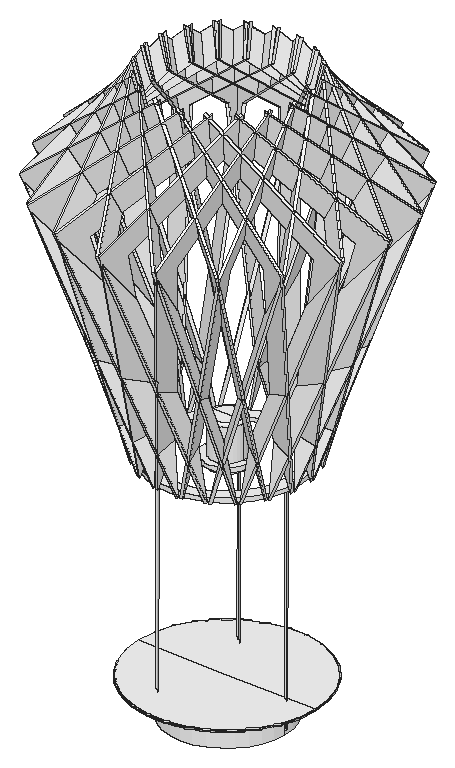
Revit family "Pilke-28_Pendant", category Lighting Fixtures, host Face, Revit 2017
Family settings
  Host = Face
  Round Connector Dimension = Use Diameter
  Part Type = Normal
  Cut with Voids When Loaded = No
  Light Source = Yes
  Shared = No
  Room Calculation Point = No
Parameters
  Wattage = 9.2903 W
  built-in parameter 1150110 = 1 (stored number, unit not read)
  built-in parameter 1114217 = 1 (stored number, unit not read)
  built-in parameter 1150109 = 1 (stored number, unit not read)
  built-in parameter 1150134 = 3
  built-in parameter 1150113 = 1 (stored number, unit not read)
  built-in parameter 1150105 = 109.82 (stored number, unit not read)
  Lumens = 1380 lm
  built-in parameter 1150115 = 1 (stored number, unit not read)
  Light Source Symbol Size = 2' - 0"
  built-in parameter 1150137 = (empty or 0)
  built-in parameter 1150139 = (empty or 0)
  built-in parameter 1150112 = 1 (stored number, unit not read)
  built-in parameter 1150114 = 1 (stored number, unit not read)
  built-in parameter 1150132 = (empty or 0)
  built-in parameter 1150102 = (empty or 0)
  built-in parameter 1150107 = 3200 (stored number, unit not read)
  built-in parameter 1150138 = (empty or 0)
  built-in parameter 1150106 = 1.0982 (stored number, unit not read)
  Finish = White Finish
  built-in parameter 1150104 = 13.8 (stored number, unit not read)
  Dimming Lamp Color Temperature Shift = (empty or 0)
  Default Elevation = 4' - 0"
  Color Filter = 16777215
  built-in parameter 1114218 = 1 (stored number, unit not read)
  built-in parameter 1150133 = 10 (stored number, unit not read)
Reference planes (in)
  plane 1 "Center (Front/Back)": y = 0
  plane 2: z = 0
  plane 3 "Center (Left/Right)": x = 0
Forms (in)
  Revolve 1, solid, material "White Finish" <- "Finish"
    sketch origin (0.14778, 0, 95.99992) x (-0.999999, 0, 0.001302) y (-0.001302, 0, -0.999999)
      loop
        line (0, 96) -> (-2.75591, 96) -> (-2.75591, 94.97924)
        arc (-2.75591, 94.97924) -> (-2.72454, 94.90351) -> (-2.64882, 94.87215) r 0.10708
        line (-2.64882, 94.87215) -> (0, 94.87215) -> (0, 96)
      loop
        line (0, 94.47845) -> (-4.20191, 94.47845)
        arc (-4.20191, 94.47845) -> (-4.21809, 94.47175) -> (-4.2248, 94.45556) r 0.02289
        line (-4.2248, 94.45556) -> (-4.2248, 94.42349)
        arc (-4.2248, 94.42349) -> (-4.21721, 94.40516) -> (-4.19888, 94.39757) r 0.02592
        line (-4.19888, 94.39757) -> (0, 94.39757) -> (0, 94.47845)
      loop
        line (0, 84.36566) -> (0, 85.15306) -> (0, 85.4167) -> (-0.7874, 85.4167) -> (-0.7874, 85.15306) -> (-1.09871, 85.15306) -> (-1.09871, 84.95621) -> (-0.7874, 84.95621) -> (-0.7874, 83.41701)
        arc (-0.7874, 83.41701) -> (-0.75303, 83.33402) -> (-0.67004, 83.29965) r 0.11736
        line (-0.67004, 83.29965) -> (0, 83.29965) -> (0, 84.36566)
      loop
        line (-3.41068, 84.95621) -> (-2.87331, 84.95621) -> (-2.87331, 85.15306) -> (-3.41068, 85.15306) -> (-3.41068, 84.95621)
      axis (0, 83.29965) -> (0, 96)
    angle from 0 to 360
  Extrusion 2, solid, material "White Finish" <- "Finish"
    sketch origin (0.14778, 0, 95.99992) x (-0.999999, 0, 0.001302) y (0, 1, 0)
      loop
        circle (-2.79921, 0) r 0.04724
    from 85.48214 to 95.73607
  Extrusion 3, solid, material "White Finish" <- "Finish"
    sketch origin (0.14801, 0.0004, 95.99992) x (0.5, -0.866025, -0.000651) y (-0.866025, -0.5, 0.001127)
      loop
        circle (-2.79921, 0) r 0.04724
    from 85.48214 to 95.73607
  Extrusion 4, solid, material "White Finish" <- "Finish"
    sketch origin (0.14755, 0.0004, 95.99992) x (0.5, 0.866025, -0.000651) y (0.866025, -0.5, -0.001127)
      loop
        circle (-2.79921, 0) r 0.04724
    from 85.48214 to 95.73607
  Extrusion 5, solid, material "White Finish" <- "Finish"
    sketch origin (-7.75084, 20.89124, 92.12552) x (-0.960382, 0.227505, -0.160958) y (-0.099996, 0.25779, 0.961012)
      loop
        line (-2.67026, -84.95621) -> (-2.67026, -82.36939) -> (-7.07218, -73.73014) -> (-3.2358, -69.26378) -> (-3.59289, -67.86684) -> (-8.4792, -73.55554) -> (-2.67026, -84.95621)
    from 0 to 0.09843
  Extrusion 6, solid, material "White Finish" <- "Finish"
    sketch origin (-7.75084, -20.89124, 92.12552) x (-0.960382, -0.227505, -0.160958) y (0.099996, 0.25779, -0.961012)
      loop
        line (-2.67026, 84.95621) -> (-8.4792, 73.55554) -> (-3.59289, 67.86684) -> (-3.2358, 69.26378) -> (-7.07218, 73.73014) -> (-2.67026, 82.36939) -> (-2.67026, 84.95621)
    from 0 to 0.09843
  Extrusion 7, solid, material "White Finish" <- "Finish"
    sketch origin (-13.82016, 17.42951, 92.13342) x (-0.983691, -0.08034, -0.160928) y (-0.174702, 0.213886, 0.96111)
      loop
        line (-2.67026, -84.95621) -> (-2.67026, -82.36939) -> (-7.07218, -73.73014) -> (-3.2358, -69.26378) -> (-3.59289, -67.86684) -> (-8.4792, -73.55554) -> (-2.67026, -84.95621)
    from 0 to 0.09843
  Extrusion 8, solid, material "White Finish" <- "Finish"
    sketch origin (-0.90868, -22.30798, 92.11661) x (-0.843085, -0.513079, -0.161111) y (0.015379, 0.27646, -0.960902)
      loop
        line (-2.67026, 84.95621) -> (-8.4792, 73.55554) -> (-3.59289, 67.86684) -> (-3.2358, 69.26378) -> (-7.07218, 73.73014) -> (-2.67026, 82.36939) -> (-2.67026, 84.95621)
    from 0 to 0.09843
  Extrusion 9, solid, material "White Finish" <- "Finish"
    sketch origin (-0.90884, 22.30801, 92.11661) x (-0.843085, 0.513079, -0.161111) y (-0.015379, 0.27646, 0.960902)
      loop
        line (-2.67026, -84.95621) -> (-2.67026, -82.36939) -> (-7.07218, -73.73014) -> (-3.2358, -69.26378) -> (-3.59289, -67.86684) -> (-8.4792, -73.55554) -> (-2.67026, -84.95621)
    from 0 to 0.09843
  Extrusion 10, solid, material "White Finish" <- "Finish"
    sketch origin (-13.82032, -17.42949, 92.13342) x (-0.983691, 0.08034, -0.160928) y (0.174702, 0.213886, -0.96111)
      loop
        line (-2.67026, 84.95621) -> (-8.4792, 73.55554) -> (-3.59289, 67.86684) -> (-3.2358, 69.26378) -> (-7.07218, 73.73014) -> (-2.67026, 82.36939) -> (-2.67026, 84.95621)
    from 0 to 0.09843
  Extrusion 11, solid, material "White Finish" <- "Finish"
    sketch origin (6.03609, 21.54114, 92.10757) x (-0.643282, 0.74843, -0.161371) y (0.070866, 0.268068, 0.96079)
      loop
        line (-2.67026, -84.95621) -> (-2.67026, -82.36939) -> (-7.07218, -73.73014) -> (-3.2358, -69.26378) -> (-3.59289, -67.86684) -> (-8.4792, -73.55554) -> (-2.67026, -84.95621)
    from 0 to 0.09843
  Extrusion 12, solid, material "White Finish" <- "Finish"
    sketch origin (-18.52301, -12.26159, 92.13954) x (-0.91073, 0.38032, -0.161023) y (0.232185, 0.149045, -0.961184)
      loop
        line (-2.67026, 84.95621) -> (-8.4792, 73.55554) -> (-3.59289, 67.86684) -> (-3.2358, 69.26378) -> (-7.07218, 73.73014) -> (-2.67026, 82.36939) -> (-2.67026, 84.95621)
    from 0 to 0.09843
  Extrusion 13, solid, material "White Finish" <- "Finish"
    sketch origin (12.40414, 18.6657, 92.09928) x (-0.380531, 0.910519, -0.161713) y (0.150296, 0.233436, 0.960687)
      loop
        line (-2.67026, -84.95621) -> (-2.67026, -82.36939) -> (-7.07218, -73.73014) -> (-3.2358, -69.26378) -> (-3.59289, -67.86684) -> (-8.4792, -73.55554) -> (-2.67026, -84.95621)
    from 0 to 0.09843
  Extrusion 14, solid, material "White Finish" <- "Finish"
    sketch origin (-21.39856, -5.89342, 92.14328) x (-0.748641, 0.643072, -0.161234) y (0.266817, 0.069615, -0.96123)
      loop
        line (-2.67026, 84.95621) -> (-8.4792, 73.55554) -> (-3.59289, 67.86684) -> (-3.2358, 69.26378) -> (-7.07218, 73.73014) -> (-2.67026, 82.36939) -> (-2.67026, 84.95621)
    from 0 to 0.09843
  Extrusion 15, solid, material "White Finish" <- "Finish"
    sketch origin (17.57196, 13.96316, 92.09255) x (-0.080551, 0.983481, -0.162104) y (0.215137, 0.175953, 0.960602)
      loop
        line (-2.67026, -84.95621) -> (-2.67026, -82.36939) -> (-7.07218, -73.73014) -> (-3.2358, -69.26378) -> (-3.59289, -67.86684) -> (-8.4792, -73.55554) -> (-2.67026, -84.95621)
    from 0 to 0.09843
  Extrusion 16, solid, material "White Finish" <- "Finish"
    sketch origin (-22.1655, 1.05167, 92.14428) x (-0.51329, 0.842875, -0.16154) y (0.275209, -0.01663, -0.96124)
      loop
        line (-2.67026, 84.95621) -> (-8.4792, 73.55554) -> (-3.59289, 67.86684) -> (-3.2358, 69.26378) -> (-7.07218, 73.73014) -> (-2.67026, 82.36939) -> (-2.67026, 84.95621)
    from 0 to 0.09843
  Extrusion 17, solid, material "White Finish" <- "Finish"
    sketch origin (21.03368, 7.89384, 92.08805) x (0.227293, 0.960172, -0.162504) y (0.259041, 0.101247, 0.960545)
      loop
        line (-2.67026, -84.95621) -> (-2.67026, -82.36939) -> (-7.07218, -73.73014) -> (-3.2358, -69.26378) -> (-3.59289, -67.86684) -> (-8.4792, -73.55554) -> (-2.67026, -84.95621)
    from 0 to 0.09843
  Extrusion 18, solid, material "White Finish" <- "Finish"
    sketch origin (-20.74876, 7.89384, 92.14244) x (-0.227716, 0.960172, -0.161912) y (0.256539, -0.101247, -0.961216)
      loop
        line (-2.67026, 84.95621) -> (-8.4792, 73.55554) -> (-3.59289, 67.86684) -> (-3.2358, 69.26378) -> (-7.07218, 73.73014) -> (-2.67026, 82.36939) -> (-2.67026, 84.95621)
    from 0 to 0.09843
  Extrusion 19, solid, material "White Finish" <- "Finish"
    sketch origin (22.45045, 1.05183, 92.0862) x (0.512868, 0.842875, -0.162876) y (0.277711, 0.01663, 0.960521)
      loop
        line (-2.67026, -84.95621) -> (-2.67026, -82.36939) -> (-7.07218, -73.73014) -> (-3.2358, -69.26378) -> (-3.59289, -67.86684) -> (-8.4792, -73.55554) -> (-2.67026, -84.95621)
    from 0 to 0.09843
  Extrusion 20, solid, material "White Finish" <- "Finish"
    sketch origin (-17.28701, 13.96333, 92.13793) x (0.080128, 0.983481, -0.162313) y (0.212635, -0.175953, -0.961159)
      loop
        line (-2.67026, 84.95621) -> (-8.4792, 73.55554) -> (-3.59289, 67.86684) -> (-3.2358, 69.26378) -> (-7.07218, 73.73014) -> (-2.67026, 82.36939) -> (-2.67026, 84.95621)
    from 0 to 0.09843
  Extrusion 21, solid, material "White Finish" <- "Finish"
    sketch origin (21.68358, -5.89311, 92.0872) x (0.748218, 0.643072, -0.163182) y (0.269319, -0.069615, 0.960532)
      loop
        line (-2.67026, -84.95621) -> (-2.67026, -82.36939) -> (-7.07218, -73.73014) -> (-3.2358, -69.26378) -> (-3.59289, -67.86684) -> (-8.4792, -73.55554) -> (-2.67026, -84.95621)
    from 0 to 0.09843
  Extrusion 22, solid, material "White Finish" <- "Finish"
    sketch origin (-12.11912, 18.66602, 92.1312) x (0.380108, 0.910519, -0.162703) y (0.147795, -0.233436, -0.961075)
      loop
        line (-2.67026, 84.95621) -> (-8.4792, 73.55554) -> (-3.59289, 67.86684) -> (-3.2358, 69.26378) -> (-7.07218, 73.73014) -> (-2.67026, 82.36939) -> (-2.67026, 84.95621)
    from 0 to 0.09843
  Extrusion 23, solid, material "White Finish" <- "Finish"
    sketch origin (18.80815, -12.26116, 92.09095) x (0.910307, 0.38032, -0.163393) y (0.234686, -0.149045, 0.960577)
      loop
        line (-2.67026, -84.95621) -> (-2.67026, -82.36939) -> (-7.07218, -73.73014) -> (-3.2358, -69.26378) -> (-3.59289, -67.86684) -> (-8.4792, -73.55554) -> (-2.67026, -84.95621)
    from 0 to 0.09843
  Extrusion 24, solid, material "White Finish" <- "Finish"
    sketch origin (-5.75095, 21.54157, 92.12291) x (0.64286, 0.74843, -0.163045) y (0.068364, -0.268068, -0.960971)
      loop
        line (-2.67026, 84.95621) -> (-8.4792, 73.55554) -> (-3.59289, 67.86684) -> (-3.2358, 69.26378) -> (-7.07218, 73.73014) -> (-2.67026, 82.36939) -> (-2.67026, 84.95621)
    from 0 to 0.09843
  Extrusion 25, solid, material "White Finish" <- "Finish"
    sketch origin (14.10561, -17.42898, 92.09707) x (0.983269, 0.08034, -0.163488) y (0.177204, -0.213886, 0.960652)
      loop
        line (-2.67026, -84.95621) -> (-2.67026, -82.36939) -> (-7.07218, -73.73014) -> (-3.2358, -69.26378) -> (-3.59289, -67.86684) -> (-8.4792, -73.55554) -> (-2.67026, -84.95621)
    from 0 to 0.09843
  Extrusion 26, solid, material "White Finish" <- "Finish"
    sketch origin (1.19413, 22.30851, 92.11387) x (0.842663, 0.513079, -0.163305) y (-0.017881, -0.27646, -0.960859)
      loop
        line (-2.67026, 84.95621) -> (-8.4792, 73.55554) -> (-3.59289, 67.86684) -> (-3.2358, 69.26378) -> (-7.07218, 73.73014) -> (-2.67026, 82.36939) -> (-2.67026, 84.95621)
    from 0 to 0.09843
  Extrusion 27, solid, material "White Finish" <- "Finish"
    sketch origin (8.03629, -20.89071, 92.10497) x (0.95996, -0.227505, -0.163458) y (0.102498, -0.25779, 0.960749)
      loop
        line (-2.67026, -84.95621) -> (-2.67026, -82.36939) -> (-7.07218, -73.73014) -> (-3.2358, -69.26378) -> (-3.59289, -67.86684) -> (-8.4792, -73.55554) -> (-2.67026, -84.95621)
    from 0 to 0.09843
  Extrusion 28, solid, material "White Finish" <- "Finish"
    sketch origin (8.03629, 20.89177, 92.10497) x (0.95996, 0.227505, -0.163458) y (-0.102498, -0.25779, -0.960749)
      loop
        line (-2.67026, 84.95621) -> (-8.4792, 73.55554) -> (-3.59289, 67.86684) -> (-3.2358, 69.26378) -> (-7.07218, 73.73014) -> (-2.67026, 82.36939) -> (-2.67026, 84.95621)
    from 0 to 0.09843
  Extrusion 29, solid, material "White Finish" <- "Finish"
    sketch origin (1.19429, -22.30748, 92.11387) x (0.842663, -0.513079, -0.163305) y (0.017881, -0.27646, 0.960859)
      loop
        line (-2.67026, -84.95621) -> (-2.67026, -82.36939) -> (-7.07218, -73.73014) -> (-3.2358, -69.26378) -> (-3.59289, -67.86684) -> (-8.4792, -73.55554) -> (-2.67026, -84.95621)
    from 0 to 0.09843
  Extrusion 30, solid, material "White Finish" <- "Finish"
    sketch origin (14.10577, 17.43002, 92.09707) x (0.983269, -0.08034, -0.163488) y (-0.177204, -0.213886, -0.960652)
      loop
        line (-2.67026, 84.95621) -> (-8.4792, 73.55554) -> (-3.59289, 67.86684) -> (-3.2358, 69.26378) -> (-7.07218, 73.73014) -> (-2.67026, 82.36939) -> (-2.67026, 84.95621)
    from 0 to 0.09843
  Extrusion 31, solid, material "White Finish" <- "Finish"
    sketch origin (-5.75064, -21.54061, 92.12291) x (0.64286, -0.74843, -0.163045) y (-0.068364, -0.268068, 0.960971)
      loop
        line (-2.67026, -84.95621) -> (-2.67026, -82.36939) -> (-7.07218, -73.73014) -> (-3.2358, -69.26378) -> (-3.59289, -67.86684) -> (-8.4792, -73.55554) -> (-2.67026, -84.95621)
    from 0 to 0.09843
  Extrusion 32, solid, material "White Finish" <- "Finish"
    sketch origin (18.80846, 12.26212, 92.09095) x (0.910307, -0.38032, -0.163393) y (-0.234686, -0.149045, -0.960577)
      loop
        line (-2.67026, 84.95621) -> (-8.4792, 73.55554) -> (-3.59289, 67.86684) -> (-3.2358, 69.26378) -> (-7.07218, 73.73014) -> (-2.67026, 82.36939) -> (-2.67026, 84.95621)
    from 0 to 0.09843
  Extrusion 33, solid, material "White Finish" <- "Finish"
    sketch origin (-12.11869, -18.66517, 92.1312) x (0.380108, -0.910519, -0.162703) y (-0.147795, -0.233436, 0.961075)
      loop
        line (-2.67026, -84.95621) -> (-2.67026, -82.36939) -> (-7.07218, -73.73014) -> (-3.2358, -69.26378) -> (-3.59289, -67.86684) -> (-8.4792, -73.55554) -> (-2.67026, -84.95621)
    from 0 to 0.09843
  Extrusion 34, solid, material "White Finish" <- "Finish"
    sketch origin (21.68401, 5.89395, 92.0872) x (0.748218, -0.643072, -0.163182) y (-0.269319, -0.069615, -0.960532)
      loop
        line (-2.67026, 84.95621) -> (-8.4792, 73.55554) -> (-3.59289, 67.86684) -> (-3.2358, 69.26378) -> (-7.07218, 73.73014) -> (-2.67026, 82.36939) -> (-2.67026, 84.95621)
    from 0 to 0.09843
  Extrusion 35, solid, material "White Finish" <- "Finish"
    sketch origin (-17.28651, -13.96263, 92.13793) x (0.080128, -0.983481, -0.162313) y (-0.212635, -0.175953, 0.961159)
      loop
        line (-2.67026, -84.95621) -> (-2.67026, -82.36939) -> (-7.07218, -73.73014) -> (-3.2358, -69.26378) -> (-3.59289, -67.86684) -> (-8.4792, -73.55554) -> (-2.67026, -84.95621)
    from 0 to 0.09843
  Extrusion 36, solid, material "White Finish" <- "Finish"
    sketch origin (22.45095, -1.05114, 92.0862) x (0.512868, -0.842875, -0.162876) y (-0.277711, 0.01663, -0.960521)
      loop
        line (-2.67026, 84.95621) -> (-8.4792, 73.55554) -> (-3.59289, 67.86684) -> (-3.2358, 69.26378) -> (-7.07218, 73.73014) -> (-2.67026, 82.36939) -> (-2.67026, 84.95621)
    from 0 to 0.09843
  Extrusion 37, solid, material "White Finish" <- "Finish"
    sketch origin (-20.74823, -7.8933, 92.14244) x (-0.227716, -0.960172, -0.161912) y (-0.256539, -0.101247, 0.961216)
      loop
        line (-2.67026, -84.95621) -> (-2.67026, -82.36939) -> (-7.07218, -73.73014) -> (-3.2358, -69.26378) -> (-3.59289, -67.86684) -> (-8.4792, -73.55554) -> (-2.67026, -84.95621)
    from 0 to 0.09843
  Extrusion 38, solid, material "White Finish" <- "Finish"
    sketch origin (21.03421, -7.8933, 92.08805) x (0.227293, -0.960172, -0.162504) y (-0.259041, 0.101247, -0.960545)
      loop
        line (-2.67026, 84.95621) -> (-8.4792, 73.55554) -> (-3.59289, 67.86684) -> (-3.2358, 69.26378) -> (-7.07218, 73.73014) -> (-2.67026, 82.36939) -> (-2.67026, 84.95621)
    from 0 to 0.09843
  Extrusion 39, solid, material "White Finish" <- "Finish"
    sketch origin (-22.165, -1.0513, 92.14428) x (-0.51329, -0.842875, -0.16154) y (-0.275209, -0.01663, 0.96124)
      loop
        line (-2.67026, -84.95621) -> (-2.67026, -82.36939) -> (-7.07218, -73.73014) -> (-3.2358, -69.26378) -> (-3.59289, -67.86684) -> (-8.4792, -73.55554) -> (-2.67026, -84.95621)
    from 0 to 0.09843
  Extrusion 40, solid, material "White Finish" <- "Finish"
    sketch origin (17.57246, -13.9628, 92.09255) x (-0.080551, -0.983481, -0.162104) y (-0.215137, 0.175953, -0.960602)
      loop
        line (-2.67026, 84.95621) -> (-8.4792, 73.55554) -> (-3.59289, 67.86684) -> (-3.2358, 69.26378) -> (-7.07218, 73.73014) -> (-2.67026, 82.36939) -> (-2.67026, 84.95621)
    from 0 to 0.09843
  Extrusion 41, solid, material "White Finish" <- "Finish"
    sketch origin (-21.39813, 5.89364, 92.14328) x (-0.748641, -0.643072, -0.161234) y (-0.266817, 0.069615, 0.96123)
      loop
        line (-2.67026, -84.95621) -> (-2.67026, -82.36939) -> (-7.07218, -73.73014) -> (-3.2358, -69.26378) -> (-3.59289, -67.86684) -> (-8.4792, -73.55554) -> (-2.67026, -84.95621)
    from 0 to 0.09843
  Extrusion 42, solid, material "White Finish" <- "Finish"
    sketch origin (12.40457, -18.66548, 92.09928) x (-0.380531, -0.910519, -0.161713) y (-0.150296, 0.233436, -0.960687)
      loop
        line (-2.67026, 84.95621) -> (-8.4792, 73.55554) -> (-3.59289, 67.86684) -> (-3.2358, 69.26378) -> (-7.07218, 73.73014) -> (-2.67026, 82.36939) -> (-2.67026, 84.95621)
    from 0 to 0.09843
  Extrusion 43, solid, material "White Finish" <- "Finish"
    sketch origin (-18.5227, 12.26169, 92.13954) x (-0.91073, -0.38032, -0.161023) y (-0.232185, 0.149045, 0.961184)
      loop
        line (-2.67026, -84.95621) -> (-2.67026, -82.36939) -> (-7.07218, -73.73014) -> (-3.2358, -69.26378) -> (-3.59289, -67.86684) -> (-8.4792, -73.55554) -> (-2.67026, -84.95621)
    from 0 to 0.09843
  Extrusion 44, solid, material "White Finish" <- "Finish"
    sketch origin (6.0364, -21.54104, 92.10757) x (-0.643282, -0.74843, -0.161371) y (-0.070866, 0.268068, -0.96079)
      loop
        line (-2.67026, 84.95621) -> (-8.4792, 73.55554) -> (-3.59289, 67.86684) -> (-3.2358, 69.26378) -> (-7.07218, 73.73014) -> (-2.67026, 82.36939) -> (-2.67026, 84.95621)
    from 0 to 0.09843
Dimensions and locks (in)
  aligned and locked: plane 2 to host face
  aligned and locked: level to host face
